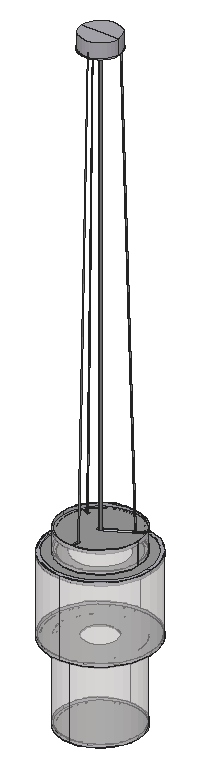
Revit family "Lighting - Lumetta - Pendant - P55528-Full", category Lighting Fixtures, host Ceiling, Revit 2015
Parameters
  Wattage = 11.7117 W
  built-in parameter 1150110 = 1 (stored number, unit not read)
  URL = "https://lumetta.com/luminaires/drum-double-28-pendant/"
  Type Comments = "Drum Double 28'' Pendant"  # constant formula
  built-in parameter 1114217 = 1 (stored number, unit not read)
  Top Lens-Material [instance] = Acrylic - 2447 - White
  Top Lens [instance] = yes
  built-in parameter 1150109 = 1 (stored number, unit not read)
  built-in parameter 1150134 = (empty or 0)
  Suspension [instance] = 2
  built-in parameter 1150113 = 1 (stored number, unit not read)
  Stem Hung-ALL Lamping [instance] = Suspension = 3  # no
  P5528 URL [instance] = "https://lumetta.com/luminaires/drum-double-28-pendant/"
  Middle  Diffuser Material [instance] = Shade - Lumetta - D61 - MT_White
  Light Source Symbol Size = 0' - 1"
  Bottom  Diffuser Material [instance] = Shade - Lumetta - D61 - MT_White
  1CRD-3CBL- LED-4 Wire [instance] = Suspension = 2  # yes
  Coupling-Stems Over 60 inches [instance] = and([Stem Hung-ALL Lamping], Fixture Drop > 5' 0")  # no
  Model = "P5528"  # constant formula
  Manufacturer = "Lumetta, Inc."  # constant formula
  Lumens = 1300 lm
  built-in parameter 1150115 = 1 (stored number, unit not read)
  built-in parameter 1150105 = 103.45 (stored number, unit not read)
  built-in parameter 1150137 = (empty or 0)
  built-in parameter 1150139 = (empty or 0)
  built-in parameter 1150112 = 1 (stored number, unit not read)
  built-in parameter 1150114 = 1 (stored number, unit not read)
  built-in parameter 1150132 = 1
  built-in parameter 1150102 = (empty or 0)
  built-in parameter 1150138 = (empty or 0)
  built-in parameter 1150107 = 3000 (stored number, unit not read)
  built-in parameter 1150106 = 1.0345 (stored number, unit not read)
  Frame Finish [instance] = Paint - Lumetta - F02 - PC_Chrome
  Fixture Height [instance] = 2' - 4"
  Fixture Drop [instance] = 5' - 10"
  built-in parameter 1150104 = 10.312 (stored number, unit not read)
  Dimming Lamp Color Temperature Shift = (empty or 0)
  Upper Diffuser Material [instance] = Shade - Lumetta - D61 - MT_White
  Description = ""
  Cord [instance] = or(Suspension = 1, Suspension = 2)  # yes
  Bottom Lens-Material [instance] = Acrylic - P95 - Etched White
  Bottom Lens [instance] = yes
  3 Cables [instance] = or(Suspension = 1, Suspension = 2)  # yes
  1CRD-3CBL-STD and 2 or 3 Wire [instance] = Suspension = 1  # no
  Cord Color [instance] = Cord, Black
  Color Filter = 16777215
  built-in parameter 1114218 = 1 (stored number, unit not read)
  built-in parameter 1150133 = 10 (stored number, unit not read)
Reference planes (in)
  plane 1 "Light Source Axis (F/B)": y = 0
  plane 2 "Ceiling": z = 96
  plane 3 "Light Source Axis (L/R)": x = 0
  plane 4 "Light Source Elevation": z = 23.5
  plane 5 "Fixture-Top": z = 26
  plane 6 "Fixture-Radius": x = 6
  plane 7 "Fixture-Height": z = -2
Forms (in)
  Revolve 1, solid, material "Paint - Lumetta - F02 - PC_Chrome" <- "Frame Finish", visible <- "1CRD-3CBL-STD and 2 or 3 Wire"
    sketch origin (0, 0, 0) x (1, 0, 0) y (0, 0, 1)
      loop
        line (0, 96) -> (0, 94.9375) -> (0.2793, 94.9375) -> (0.375, 95.4375) -> (3, 95.4375) -> (3, 95.5) -> (2.87509, 95.5) -> (2.87509, 96) -> (0, 96)
      axis (0, 96) -> (0, 94.9375)
    angle from 0 to 360
  Extrusion 2, void
    sketch origin (0, 0, 95.4375) x (0, -1, 0) y (1, 0, 0)
      loop
        circle (0, 0) r 0.25
      loop
        circle (2.5, 0) r 0.06274
      loop
        circle (-1.25012, 2.16499) r 0.06231
      loop
        circle (-1.20848, -2.18851) r 0.06217
    from 0 to 0.06358
  Revolve 3, solid, material "Paint - Lumetta - F02 - PC_Chrome" <- "Frame Finish", visible <- "1CRD-3CBL- LED-4 Wire"
    sketch origin (0, 0, 0) x (1, 0, 0) y (0, 0, 1)
      loop
        arc (1.9375, 93.36401) -> (2.12349, 93.55) -> (1.9375, 93.73599) r 0.18599
        line (1.9375, 93.73599) -> (1.9375, 93.36401)
      axis (1.9375, 93.73599) -> (1.9375, 93.36401)
    angle from 0 to 360
  Revolve 4, solid, material "Paint - Lumetta - F02 - PC_Chrome" <- "Frame Finish", visible <- "Stem Hung-ALL Lamping"
    sketch origin (0, 0, 0) x (-1, 0, 0) y (0, 0, 1)
      loop
        arc (1.9375, 93.37651) -> (2.12349, 93.5625) -> (1.9375, 93.74849) r 0.18599
        line (1.9375, 93.74849) -> (1.9375, 93.37651)
      axis (1.9375, 93.74849) -> (1.9375, 93.37651)
    angle from 0 to 360
  Revolve 5, solid, material "Paint - Lumetta - F02 - PC_Chrome" <- "Frame Finish"
    sketch origin (0, 0, 0) x (1, 0, 0) y (0, 0, 1)
      loop
        line (6, 26) -> (5.93781, 26) -> (5.93781, 25.56373) -> (5.50031, 25.56373) -> (5.50031, 25.50123) -> (6, 25.50123) -> (6, 26)
      loop
        line (6, 23.00004) -> (5.93781, 23.00004) -> (5.93781, 22.56378) -> (5.50031, 22.56378) -> (5.50031, 22.5) -> (6, 22.5) -> (6, 23.00004)
      loop
        line (7.9582, 11.00004) -> (7.896, 11.00004) -> (7.896, 10.56378) -> (7.4585, 10.56378) -> (7.4585, 10.5) -> (7.9582, 10.5) -> (7.9582, 11.00004)
      loop
        line (7.9582, 22.06373) -> (7.9582, 22.56378) -> (7.4585, 22.56378) -> (7.4585, 22.5) -> (7.896, 22.5) -> (7.896, 22.06373) -> (7.9582, 22.06373)
      loop
        line (6, -1.49996) -> (5.93781, -1.49996) -> (5.93781, -1.93622) -> (5.5, -1.93622) -> (5.5, -2) -> (6, -2) -> (6, -1.49996)
      loop
        line (6, 10.06246) -> (6, 10.5625) -> (5.5, 10.5625) -> (5.5, 10.49872) -> (5.93781, 10.49872) -> (5.93781, 10.06246) -> (6, 10.06246)
      axis (0, 26) -> (0, -2)
    angle from 0 to 360
  Revolve 6, solid, material "Shade - Lumetta - D61 - MT_White" <- "Upper Diffuser Material"
    sketch origin (0, 0, 0) x (1, 0, 0) y (0, 0, 1)
      loop
        line (6, 26) -> (6, 22.5) -> (6.03125, 22.5) -> (6.03125, 26) -> (6, 26)
      axis (0, 26) -> (0, 22.5)
    angle from 0 to 360
  Extrusion 7, solid, material "Paint - Lumetta - F02 - PC_Chrome" <- "Frame Finish"
    sketch origin (0, 0, 26) x (0, -1, 0) y (-1, 0, 0)
      loop
        line (-3.17178, 4.49368) -> (-2.80801, 3.86362) -> (-1.94199, 4.36362) -> (-2.30575, 4.99368)
        arc (-2.30575, 4.99368) -> (-2.75015, 4.7634) -> (-3.17178, 4.49368) r 5.50031
      loop
        circle (-2.5, 4.33013) r 0.11126
      loop
        line (-2.30575, -4.99368) -> (-1.94199, -4.36362) -> (-2.80801, -3.86362) -> (-3.17178, -4.49368)
        arc (-3.17178, -4.49368) -> (-2.75015, -4.7634) -> (-2.30575, -4.99368) r 5.50031
      loop
        circle (-2.5, -4.33013) r 0.11126
      loop
        line (5.47753, 0.5) -> (4.75, 0.5) -> (4.75, -0.5) -> (5.47753, -0.5)
        arc (5.47753, -0.5) -> (5.50031, 0) -> (5.47753, 0.5) r 5.50031
      loop
        circle (5, 0) r 0.11126
    from 0.56254 to 0.49877
  Extrusion 8, solid
    sketch origin (0, 0, 26) x (0, -1, 0) y (1, 0, 0)
      loop
        circle (0, 0) r 0.25
      loop
        circle (4.375, 0) r 0.125
      loop
        line (-2.2, 4.73427) -> (-3, 4.27239) -> (-3, -4.27239) -> (-2.2, -4.73427) -> (5.2, -0.46188) -> (5.2, 0.46188) -> (-2.2, 4.73427)
      loop
        circle (-2.1875, 3.78886) r 0.125
      loop
        circle (-2.1875, -3.78886) r 0.125
    from -0.56254 to -0.625
  Sweep 9, solid, material "Steel, Galvanized", visible <- "3 Cables"
    path origin (0, 0, 0) x (0, 1, 0) y (0, 0, 1)
      loop
        line (-2.5, 95.43701) -> (-4.375, 25.4375)
    profile origin (0, -3.4375, 60.43725) x (0, 0.999641, -0.026776) y (1, 0, 0)
      loop
        circle (0, 0) r 0.03125
  Sweep 10, solid, material "Steel, Galvanized", visible <- "3 Cables"
    path origin (0, 0, 0) x (0.866025, -0.5, 0) y (0, 0, 1)
      loop
        line (-2.5, 95.43701) -> (-4.375, 25.4375)
    profile origin (-2.97696, 1.71875, 60.43725) x (0.865715, -0.499821, -0.026776) y (-0.5, -0.866025, 0)
      loop
        circle (0, 0) r 0.03125
  Sweep 11, solid, material "Steel, Galvanized", visible <- "3 Cables"
    path origin (0, 0, 0) x (-0.866025, -0.5, 0) y (0, 0, 1)
      loop
        line (-2.5, 95.43701) -> (-4.375, 25.4375)
    profile origin (2.97696, 1.71875, 60.43725) x (-0.865715, -0.499821, -0.026776) y (-0.5, 0.866025, 0)
      loop
        circle (0, 0) r 0.03125
  Revolve 12, solid, material "Paint - Lumetta - F02 - PC_Chrome" <- "Frame Finish", visible <- "1CRD-3CBL- LED-4 Wire"
    sketch origin (0, 0, 0) x (1, 0, 0) y (0, 0, 1)
      loop
        line (0, 96) -> (0, 93.22) -> (0.26563, 93.22) -> (0.36282, 93.72) -> (3, 93.72) -> (3, 93.78) -> (2.875, 93.78) -> (2.875, 96) -> (0, 96)
      axis (0, 96) -> (0, 93.22)
    angle from 0 to 360
  Revolve 13, solid, material "Paint - Lumetta - F02 - PC_Chrome" <- "Frame Finish", visible <- "Stem Hung-ALL Lamping"
    sketch origin (0, 0, -1.37386) x (1, 0, 0) y (0, 0, 1)
      loop
        arc (1.9375, 94.75037) -> (2.12349, 94.93636) -> (1.9375, 95.12236) r 0.18599
        line (1.9375, 95.12236) -> (1.9375, 94.75037)
      axis (1.9375, 95.12236) -> (1.9375, 94.75037)
    angle from 0 to 360
  Revolve 14, solid, material "Paint - Lumetta - F02 - PC_Chrome" <- "Frame Finish", visible <- "1CRD-3CBL- LED-4 Wire"
    sketch origin (0, 0, -1.37386) x (-1, 0, 0) y (0, 0, 1)
      loop
        arc (1.9375, 94.75037) -> (2.12349, 94.93636) -> (1.9375, 95.12236) r 0.18599
        line (1.9375, 95.12236) -> (1.9375, 94.75037)
      axis (1.9375, 95.12236) -> (1.9375, 94.75037)
    angle from 0 to 360
  Extrusion 15, solid, material "Paint - Lumetta - F02 - PC_Chrome" <- "Frame Finish", visible <- "Stem Hung-ALL Lamping"
    sketch origin (0, 0, 26) x (0, -1, 0) y (-1, 0, 0)
      loop
        circle (0, 0) r 0.25
    from 0.56254 to -70
  Revolve 16, solid, material "Paint - Lumetta - F02 - PC_Chrome" <- "Frame Finish", visible <- "Coupling-Stems Over 60 inches"
    sketch origin (0, 0, 0) x (1, 0, 0) y (0, 0, 1)
      loop
        line (0, 86.53023) -> (0, 86) -> (0.26233, 86)
        arc (0.26233, 86) -> (0.31307, 86.05074) -> (0.26233, 86.10149) r 0.05074
        arc (0.26233, 86.10149) -> (0.29304, 86.26499) -> (0.26243, 86.42851) r 0.45126
        arc (0.26243, 86.42851) -> (0.31329, 86.47937) -> (0.26243, 86.53023) r 0.05086
        line (0.26243, 86.53023) -> (0, 86.53023)
      axis (0, 86.53023) -> (0, 86)
    angle from 0 to 360
  Revolve 17, solid, material "Paint - Lumetta - F02 - PC_Chrome" <- "Frame Finish", visible <- "Stem Hung-ALL Lamping"
    sketch origin (0, 0, 0) x (1, 0, 0) y (0, 0, 1)
      loop
        line (0, 96) -> (0, 93.40625) -> (0.34988, 93.40625)
        arc (0.34988, 93.40625) -> (0.49124, 93.54417) -> (0.58115, 93.72) r 0.61026
        line (0.58115, 93.72) -> (3, 93.72) -> (3, 93.78) -> (2.875, 93.78) -> (2.875, 96) -> (0, 96)
      axis (0, 96) -> (0, 93.40625)
    angle from 0 to 360
  Extrusion 18, solid, material "Cord, Black" <- "Cord Color", visible <- "Cord"
    sketch origin (0, 0, 26) x (0, -1, 0) y (1, 0, 0)
      loop
        circle (0, 0) r 0.15674
    from -0.56254 to 69.5
  Extrusion 19, solid, material "Acrylic - 2447 - White" <- "Top Lens-Material", visible <- "Top Lens"
    sketch origin (0, 0, 26) x (0, -1, 0) y (1, 0, 0)
      loop
        arc (0.08236, 0.41549) -> (0.10859, 0.38367) -> (0.14375, 0.36211) r 0.125
        arc (0.14375, 0.36211) -> (0.17448, -0.34973) -> (-0.38276, 0.09427) r 0.39147
        arc (-0.38276, 0.09427) -> (-0.38023, 0.14197) -> (-0.39577, 0.18713) r 0.125
        line (-0.39577, 0.18713) -> (-3.06954, 4.81825)
        arc (-3.06954, 4.81825) -> (-3.14938, 4.87748) -> (-3.24719, 4.85972) r 0.125
        arc (-3.24719, 4.85972) -> (-5.84674, 0.01759) -> (-3.27773, -4.84081) r 5.84375
        arc (-3.27773, -4.84081) -> (-3.17965, -4.8591) -> (-3.09943, -4.79978) r 0.125
        line (-3.09943, -4.79978) -> (-2.43479, -3.64859)
        arc (-2.43479, -3.64859) -> (-2.07399, -3.55192) -> (-1.97731, -3.91272) r 0.26412
        line (-1.97731, -3.91272) -> (-2.64318, -5.06603)
        arc (-2.64318, -5.06603) -> (-2.65455, -5.16479) -> (-2.59027, -5.24061) r 0.125
        arc (-2.59027, -5.24061) -> (2.90291, -5.07082) -> (5.82591, -0.41679) r 5.84375
        arc (5.82591, -0.41679) -> (5.79271, -0.32271) -> (5.70123, -0.28289) r 0.125
        line (5.70123, -0.28289) -> (4.37195, -0.28289)
        arc (4.37195, -0.28289) -> (4.10782, -0.01877) -> (4.37195, 0.24536) r 0.26412
        line (4.37195, 0.24536) -> (5.70368, 0.24536)
        arc (5.70368, 0.24536) -> (5.79489, 0.28488) -> (5.82841, 0.37847) r 0.125
        arc (5.82841, 0.37847) -> (2.93478, 5.05081) -> (-2.55723, 5.25518) r 5.84375
        arc (-2.55723, 5.25518) -> (-2.6221, 5.17939) -> (-2.61084, 5.08025) r 0.125
        line (-2.61084, 5.08025) -> (0.08236, 0.41549)
    from -0.4375 to -0.375
  Extrusion 20, solid, material "Acrylic - P95 - Etched White" <- "Bottom Lens-Material", visible <- "Bottom Lens"
    sketch origin (0.06736, 0, 13) x (0, -1, 0) y (1, 0, 0)
      loop
        circle (0, -0.06736) r 5.875
    from -14.93622 to -14.81953
  Extrusion 21, solid, material "Acrylic - P95 - Etched White" <- "Bottom Lens-Material"
    sketch origin (-0.07923, 0, 18.5) x (0, -1, 0) y (1, 0, 0)
      loop
        circle (0, 0.07923) r 7.875
      loop
        circle (0, 0.07923) r 4
    from 3.87945 to 4
  Extrusion 22, solid, material "Acrylic - P95 - Etched White" <- "Bottom Lens-Material"
    sketch origin (0.06736, 0, 15.5) x (0, -1, 0) y (1, 0, 0)
      loop
        circle (0, -0.06736) r 7.875
      loop
        circle (0, -0.06736) r 2.5
    from -4.93622 to -4.81987
  Extrusion 23, solid, material "Shade - Lumetta - D61 - MT_White" <- "Bottom  Diffuser Material"
    sketch origin (0, 0, -2) x (0, -1, 0) y (1, 0, 0)
      loop
        circle (0, 0) r 6
      loop
        circle (0, 0) r 6.03125
    from 0 to 12.5
  Extrusion 24, solid, material "Shade - Lumetta - D61 - MT_White" <- "Middle  Diffuser Material"
    sketch origin (0, 0, -2) x (0, -1, 0) y (1, 0, 0)
      loop
        circle (0, 0) r 7.96875
      loop
        circle (0, 0) r 7.9375
    from 12.5 to 24.5
Cuts and joins
  joined: Revolve 5, Extrusion 7
Dimensions and locks (in)
  equal spacing: host sketch curve, plane 3 "Light Source Axis (L/R)", host sketch curve
  equal spacing: host sketch curve, plane 1 "Light Source Axis (F/B)", host sketch curve
  host sketch curve to host sketch curve = 10' - 0"  (x2)
  "Fixture Drop": plane 2 "Ceiling" to plane 5 "Fixture-Top"
  locked: plane 5 "Fixture-Top" to plane 4 "Light Source Elevation" at 2.5
  locked: plane 6 "Fixture-Radius" to plane 3 "Light Source Axis (L/R)" at 6
  "Fixture Height": plane 5 "Fixture-Top" to plane 7 "Fixture-Height"
  locked: Revolve 1 sketch curve to plane 3 "Light Source Axis (L/R)" at 2.87509
  locked: Revolve 1 sketch curve to plane 3 "Light Source Axis (L/R)" at 3
  locked: Extrusion 2 sketch curve to Extrusion 2 sketch curve at 2.5  (x3)
  locked: plane 1 "Light Source Axis (F/B)" to Extrusion 2 sketch curve at 1.20848
  locked: plane 1 "Light Source Axis (F/B)" to Extrusion 2 sketch curve at 1.25012
  locked: Revolve 3 sketch curve to plane 3 "Light Source Axis (L/R)" at 1.9375
  locked: plane 6 "Fixture-Radius" to Revolve 5 sketch curve at 0.06219
  locked: Revolve 6 sketch curve to plane 6 "Fixture-Radius" at 0.03125
  locked: Extrusion 7 sketch curve to imposter light at 4.33013
  locked: imposter light to Extrusion 7 sketch curve at 4.33013
  locked: Extrusion 7 sketch curve to imposter light at 0
  locked: Extrusion 7 sketch curve to plane 1 "Light Source Axis (F/B)" at 5
  locked: plane 1 "Light Source Axis (F/B)" to Extrusion 7 sketch curve at 2.5  (x2)
  locked: Extrusion 7 sketch curve to plane 3 "Light Source Axis (L/R)" at 4.75  (x2)
  locked: Extrusion 7 sketch curve to plane 1 "Light Source Axis (F/B)" at 4.75
  Extrusion 7 sketch curve to Extrusion 7 sketch curve = 0' - 0 1/4"
  locked: Extrusion 7 sketch curve to Extrusion 7 sketch curve at 1  (x3)
  Extrusion 7 sketch curve to Extrusion 7 sketch curve = 0' - 0 1/2"
  locked: Extrusion 7 sketch curve to Extrusion 7 sketch curve at 0.5
  Revolve 5 to Extrusion 7 sketch curve = 0' - 0.75031"
  equal spacing: Extrusion 7 sketch curve, Extrusion 7 sketch curve, plane 3 "Light Source Axis (L/R)"
  locked: Extrusion 8 sketch curve to Extrusion 8 sketch curve at 4.375
  Extrusion 8 sketch curve to Extrusion 8 sketch curve = 0' - 8.2"
  host ceiling to Revolve 3 sketch curve = 0' - 2.45"
  host ceiling to Revolve 4 sketch curve = 0' - 2 7/16"
  locked: host ceiling to Revolve 13 sketch curve at 2.4375
  locked: host ceiling to Revolve 14 sketch curve at 2.4375
  locked: Extrusion 15 sketch curve to imposter light
  locked: Extrusion 15 sketch curve to imposter light at 0
  Revolve 16 sketch curve to Revolve 16 sketch curve = 0' - 0.15822"
  locked: Revolve 16 sketch curve to Revolve 6 at 60
  locked: Revolve 16 sketch curve to Revolve 16 sketch curve at 0.53023
  locked: Revolve 16 sketch curve to Revolve 16 sketch curve at 0.26243
  locked: Revolve 16 sketch curve to Revolve 16 sketch curve at 0.26233
  locked: Revolve 16 sketch curve to Revolve 16 sketch curve at 0.05074
  locked: Revolve 16 sketch curve to Revolve 16 sketch curve at 0.47937
  locked: Revolve 16 sketch curve to Revolve 16 sketch curve at 0.26512
  locked: Revolve 17 sketch curve to Revolve 17 sketch curve at 2.875
  locked: Revolve 17 sketch curve to Revolve 17 sketch curve at 0.31375
  locked: Extrusion 19 sketch curve to Extrusion 19 sketch curve  (x3)
  locked: plane 5 "Fixture-Top" to Revolve 5 sketch curve at 0.49877
  locked: Revolve 5 sketch curve to Revolve 5 sketch curve at 0.0625
  locked: plane 6 "Fixture-Radius" to Revolve 5 sketch curve at 0.49969
  locked: host ceiling to Revolve 12 sketch curve at 2.28
  locked: Revolve 12 sketch curve to Revolve 12 sketch curve at 0
  locked: Revolve 12 sketch curve to Revolve 12 sketch curve at 2.875
  locked: Revolve 12 sketch curve to Revolve 12 sketch curve at 0.26563
  locked: Revolve 12 sketch curve to Revolve 12 sketch curve at 0.36282
  locked: Revolve 12 sketch curve to Revolve 12 sketch curve at 0.06
  locked: Revolve 12 sketch curve to Revolve 12 sketch curve at 0.5
  locked: Revolve 1 sketch curve to Revolve 1 sketch curve at 0.0625
  locked: host ceiling to Revolve 1 sketch curve at 0.5625
  locked: Revolve 1 sketch curve to Revolve 1 sketch curve at 0.5625
  locked: Revolve 1 sketch curve to Revolve 1 sketch curve at 3
  Revolve 1 sketch curve to Revolve 1 sketch curve = 0' - 2.87509"
  locked: Revolve 1 sketch curve to Revolve 1 sketch curve at 0.5
  locked: Revolve 1 sketch curve to Revolve 1 sketch curve at 0.375
  locked: Revolve 1 sketch curve to Revolve 1 sketch curve at 0.2793
  Revolve 3 sketch curve to Revolve 3 sketch curve = 0' - 0"
  Revolve 1 to Revolve 3 sketch curve = 0' - 2.45"
  locked: Revolve 1 to Revolve 4 sketch curve at 2.4375
  Extrusion 19 sketch curve to plane 6 "Fixture-Radius" = 0' - 6.00081"
  locked: Revolve 5 sketch curve to plane 6 "Fixture-Radius" at 0
  plane 5 "Fixture-Top" to Revolve 5 sketch curve = 0' - 3 1/2"  (x2)
  locked: Revolve 5 sketch curve to Revolve 5 sketch curve at 0.06378  (x5)
  locked: Revolve 5 sketch curve to Revolve 5 sketch curve at 0.50004  (x5)
  Revolve 5 sketch curve to Revolve 5 sketch curve = 0' - 0"  (x2)
  locked: Revolve 5 sketch curve to Revolve 5 sketch curve at 0
  locked: plane 7 "Fixture-Height" to Revolve 5 sketch curve at 0
  Revolve 5 sketch curve to Revolve 5 sketch curve = 1' - 0 9/16"
  locked: Revolve 5 sketch curve to Revolve 5 sketch curve at 6
  locked: Revolve 5 sketch curve to Revolve 5 sketch curve at 0.06219  (x4)
  locked: Revolve 5 sketch curve to Revolve 5 sketch curve at 0.5  (x2)
  Revolve 5 sketch curve to Revolve 5 sketch curve = 0' - 0.06378"
  Revolve 5 sketch curve to Revolve 5 sketch curve = 1' - 0.06378"
  locked: plane 3 "Light Source Axis (L/R)" to Extrusion 20 sketch curve
  locked: Extrusion 20 sketch curve to plane 1 "Light Source Axis (F/B)"
  locked: Extrusion 23 sketch curve to plane 1 "Light Source Axis (F/B)"
  locked: Extrusion 21 sketch curve to plane 3 "Light Source Axis (L/R)"
  locked: Extrusion 21 sketch curve to plane 1 "Light Source Axis (F/B)"
  locked: Extrusion 22 sketch curve to plane 3 "Light Source Axis (L/R)" at 0
  locked: Extrusion 22 sketch curve to plane 1 "Light Source Axis (F/B)"
  Revolve 5 sketch curve to Revolve 5 sketch curve = 0' - 7.9582"
  locked: plane 6 "Fixture-Radius" to Revolve 6 sketch curve
  locked: plane 5 "Fixture-Top" to Revolve 6 at 3.5
  locked: cut or joined group of Revolve 5, Extrusion 7 to Extrusion 21 at 0.12055
  locked: Extrusion 20 to plane 7 "Fixture-Height" at 0.06378
  locked: Extrusion 20 to Extrusion 20 at 0.1167
  Extrusion 24 to plane 7 "Fixture-Height" = 1' - 0 1/2"
  locked: Extrusion 22 to Extrusion 22 at 0.11635
  locked: cut or joined group of Revolve 5, Extrusion 7 to Extrusion 24 at 12.06378
  locked: Extrusion 24 to plane 7 "Fixture-Height" at 12.5
  aligned and locked: plane 3 "Light Source Axis (L/R)" to imposter light
  aligned and locked: plane 1 "Light Source Axis (F/B)" to imposter light
  aligned and locked: plane 4 "Light Source Elevation" to imposter light
  aligned and locked: Revolve 6 sketch curve to plane 3 "Light Source Axis (L/R)"
  aligned and locked: Revolve 16 sketch curve to Revolve 16 sketch curve  (x2)
  aligned and locked: Extrusion 7 to Extrusion 8
  aligned and locked: Revolve 5 to Extrusion 7
  aligned and locked: host ceiling to Extrusion 15
  aligned and locked: Extrusion 8 to Extrusion 15
  aligned and locked: Revolve 1 to Extrusion 18
  aligned and locked: Extrusion 21 to Revolve 6
  aligned and locked: Extrusion 24 to Revolve 6
  aligned and locked: Extrusion 24 to cut or joined group of Revolve 5, Extrusion 7
  aligned and locked: cut or joined group of Revolve 5, Extrusion 7 to Extrusion 23
  aligned and locked: Extrusion 22 to cut or joined group of Revolve 5, Extrusion 7
Automatic sketch dimensions
  Revolve 1 sketch curve to plane 3 "Light Source Axis (L/R)" = 0' - 0"
  Revolve 1 sketch curve to plane 5 "Fixture-Top" = 0' - 1 1/4"
  Revolve 1 sketch curve to Revolve 1 sketch curve = 0' - 9 3/4"
  Extrusion 2 sketch curve to Extrusion 2 sketch curve = 0' - 0"
  Revolve 3 sketch curve to Revolve 3 sketch curve = 0' - 0.18599"
  Revolve 3 sketch curve to plane 2 "Ceiling" = 0' - 0.90474"
  Revolve 3 sketch curve to Revolve 3 sketch curve = 0' - 0.37199"
  plane 3 "Light Source Axis (L/R)" to Revolve 4 sketch curve = 0' - 1 15/16"
  Revolve 4 sketch curve to Revolve 4 sketch curve = 0' - 0.18599"
  plane 2 "Ceiling" to Revolve 4 sketch curve = 0' - 0.53276"
  Revolve 4 sketch curve to Revolve 4 sketch curve = 0' - 0"
  Revolve 4 sketch curve to Revolve 4 sketch curve = 0' - 0.37199"
  Revolve 6 sketch curve to plane 5 "Fixture-Top" = 0' - 0"
  plane 4 "Light Source Elevation" to Revolve 6 sketch curve = 0' - 1"
  plane 7 "Fixture-Height" to Revolve 6 sketch curve = 0' - 1 1/4"
  Revolve 6 sketch curve to plane 5 "Fixture-Top" = 0' - 2 1/4"
  Extrusion 7 sketch curve to Extrusion 7 sketch curve = 0' - 0"  (x6)
  plane 1 "Light Source Axis (F/B)" to Extrusion 7 sketch curve = 0' - 0"
  Extrusion 7 sketch curve to plane 3 "Light Source Axis (L/R)" = 0' - 0"
  Extrusion 7 sketch curve to plane 6 "Fixture-Radius" = 0' - 2.13638"
  Extrusion 7 sketch curve to Extrusion 7 sketch curve = 0' - 0.30801"
  Extrusion 7 sketch curve to Extrusion 7 sketch curve = 0' - 0.67178"
  Extrusion 7 sketch curve to plane 6 "Fixture-Radius" = 0' - 1.50632"
  Extrusion 7 sketch curve to Extrusion 7 sketch curve = 0' - 0.47753"
  Extrusion 7 sketch curve to plane 3 "Light Source Axis (L/R)" = 0' - 0 1/2"
  plane 1 "Light Source Axis (F/B)" to Extrusion 8 sketch curve = 0' - 0"
  Extrusion 8 sketch curve to plane 3 "Light Source Axis (L/R)" = 0' - 0"  (x2)
  Extrusion 8 sketch curve to plane 1 "Light Source Axis (F/B)" = 0' - 2 3/16"  (x2)
  Extrusion 8 sketch curve to Extrusion 8 sketch curve = 0' - 0.0125"  (x2)
  Extrusion 8 sketch curve to Extrusion 8 sketch curve = 0' - 0.8"
  Extrusion 8 sketch curve to plane 3 "Light Source Axis (L/R)" = 0' - 0.46188"
  Extrusion 8 sketch curve to plane 3 "Light Source Axis (L/R)" = 0' - 3.78886"
  Extrusion 8 sketch curve to Extrusion 8 sketch curve = 0' - 0.48353"  (x2)
  Extrusion 8 sketch curve to Extrusion 8 sketch curve = 0' - 0.46188"  (x2)
  plane 3 "Light Source Axis (L/R)" to Extrusion 8 sketch curve = 0' - 0.46188"
  Extrusion 8 sketch curve to plane 6 "Fixture-Radius" = 0' - 2.21114"
  plane 5 "Fixture-Top" to Sweep 9 sketch curve = 0' - 0 9/16"
  plane 1 "Light Source Axis (F/B)" to Sweep 9 sketch curve = 0' - 4 3/8"
  Sweep 9 sketch curve to plane 2 "Ceiling" = 0' - 0.56299"
  plane 1 "Light Source Axis (F/B)" to Sweep 9 sketch curve = 0' - 2 1/2"
  Sweep 9 sketch curve to plane 3 "Light Source Axis (L/R)" = 0' - 0"
  Sweep 9 sketch curve to profile plane = 0' - 0"
  plane 5 "Fixture-Top" to Sweep 10 sketch curve = 0' - 0 9/16"
  Sweep 10 sketch curve to plane 2 "Ceiling" = 0' - 0.56299"
  Sweep 10 sketch curve to Sweep 10 sketch curve = 0' - 1 7/8"
  profile plane to Sweep 10 sketch curve = 0' - 0"
  Sweep 10 sketch curve to profile plane = 0' - 0"
  plane 5 "Fixture-Top" to Sweep 11 sketch curve = 0' - 0 9/16"
  Sweep 11 sketch curve to plane 2 "Ceiling" = 0' - 0.56299"
  Sweep 11 sketch curve to Sweep 11 sketch curve = 0' - 1 7/8"
  profile plane to Sweep 11 sketch curve = 0' - 0"  (x2)
  Revolve 12 sketch curve to plane 2 "Ceiling" = 0' - 0"
  Revolve 12 sketch curve to plane 3 "Light Source Axis (L/R)" = 0' - 0"
  Revolve 12 sketch curve to Revolve 12 sketch curve = 0' - 0 1/8"
  plane 2 "Ceiling" to Revolve 12 sketch curve = 0' - 1 3/4"
  Revolve 12 sketch curve to Revolve 12 sketch curve = 0' - 2 1/2"
  plane 3 "Light Source Axis (L/R)" to Revolve 13 sketch curve = 0' - 1 15/16"
  Revolve 13 sketch curve to Revolve 13 sketch curve = 0' - 0.18599"
  Revolve 13 sketch curve to Revolve 13 sketch curve = 0' - 0"
  Revolve 13 sketch curve to Revolve 13 sketch curve = 0' - 0.0271"
  Revolve 13 sketch curve to Revolve 13 sketch curve = 0' - 0.34489"
  plane 3 "Light Source Axis (L/R)" to Revolve 14 sketch curve = 0' - 1 15/16"
  Revolve 14 sketch curve to Revolve 14 sketch curve = 0' - 0.18599"
  Revolve 14 sketch curve to Revolve 14 sketch curve = 0' - 0"
  Revolve 14 sketch curve to Revolve 14 sketch curve = 0' - 0.0271"
  Revolve 14 sketch curve to Revolve 14 sketch curve = 0' - 0.34489"
  Revolve 16 sketch curve to plane 3 "Light Source Axis (L/R)" = 0' - 0"
  Revolve 16 sketch curve to Revolve 16 sketch curve = 0' - 11.34317"
  Revolve 17 sketch curve to plane 3 "Light Source Axis (L/R)" = 0' - 0"  (x3)
  Revolve 17 sketch curve to plane 2 "Ceiling" = 0' - 0"
  plane 3 "Light Source Axis (L/R)" to Revolve 17 sketch curve = 0' - 0.34988"
  Revolve 17 sketch curve to Revolve 17 sketch curve = 0' - 0.23126"
  Revolve 17 sketch curve to Revolve 17 sketch curve = 0' - 0 1/8"
  Revolve 17 sketch curve to plane 2 "Ceiling" = 0' - 2 3/32"
  Revolve 17 sketch curve to Revolve 17 sketch curve = 0' - 0.06"
  plane 2 "Ceiling" to Revolve 17 sketch curve = 0' - 1 3/4"
  Revolve 17 sketch curve to Revolve 17 sketch curve = 0' - 2 1/2"
  plane 1 "Light Source Axis (F/B)" to Extrusion 18 sketch curve = 0' - 0"
  Extrusion 18 sketch curve to plane 3 "Light Source Axis (L/R)" = 0' - 0"
  Extrusion 19 sketch curve to Extrusion 19 sketch curve = 0' - 0"  (x10)
  Extrusion 19 sketch curve to plane 1 "Light Source Axis (F/B)" = 0' - 3.20768"
  Extrusion 19 sketch curve to plane 6 "Fixture-Radius" = 0' - 1.24425"
  Extrusion 19 sketch curve to plane 1 "Light Source Axis (F/B)" = 0' - 3.1778"
  Extrusion 19 sketch curve to Extrusion 19 sketch curve = 0' - 0.10825"  (x6)
  Extrusion 19 sketch curve to plane 6 "Fixture-Radius" = 0' - 1.18175"
  Extrusion 19 sketch curve to Extrusion 19 sketch curve = 0' - 0.45625"
  Extrusion 19 sketch curve to plane 6 "Fixture-Radius" = 0' - 0.91975"
  Extrusion 19 sketch curve to Extrusion 19 sketch curve = 0' - 0.4587"
  Extrusion 19 sketch curve to Extrusion 19 sketch curve = 0' - 0.66464"
  Extrusion 19 sketch curve to Extrusion 19 sketch curve = 0' - 0.22874"  (x2)
  plane 3 "Light Source Axis (L/R)" to Extrusion 19 sketch curve = 0' - 0.12463"
  Extrusion 19 sketch curve to plane 1 "Light Source Axis (F/B)" = 0' - 0.50402"
  plane 3 "Light Source Axis (L/R)" to Extrusion 19 sketch curve = 0' - 0.18713"
  Extrusion 19 sketch curve to plane 1 "Light Source Axis (F/B)" = 0' - 0.00301"
  plane 1 "Light Source Axis (F/B)" to Extrusion 19 sketch curve = 0' - 0.08236"
  Extrusion 19 sketch curve to plane 3 "Light Source Axis (L/R)" = 0' - 0.28289"
  Extrusion 19 sketch curve to Extrusion 19 sketch curve = 0' - 4.18134"
  Extrusion 19 sketch curve to plane 3 "Light Source Axis (L/R)" = 0' - 0.40789"
  Extrusion 19 sketch curve to Extrusion 19 sketch curve = 0' - 1.32928"
  plane 3 "Light Source Axis (L/R)" to Extrusion 19 sketch curve = 0' - 0.24536"
  Extrusion 19 sketch curve to Extrusion 19 sketch curve = 0' - 0.00245"
  Extrusion 19 sketch curve to plane 3 "Light Source Axis (L/R)" = 0' - 3.64859"
  Extrusion 19 sketch curve to Extrusion 19 sketch curve = 0' - 0.13206"
  Extrusion 19 sketch curve to Extrusion 19 sketch curve = 0' - 1.08869"
  Extrusion 19 sketch curve to Extrusion 19 sketch curve = 0' - 0 1/16"  (x4)
  Extrusion 19 sketch curve to Extrusion 19 sketch curve = 0' - 0.26625"
  Extrusion 19 sketch curve to Extrusion 19 sketch curve = 0' - 0 1/8"
  plane 3 "Light Source Axis (L/R)" to Extrusion 19 sketch curve = 0' - 0.41549"
  plane 3 "Light Source Axis (L/R)" to Revolve 5 sketch curve = 0' - 0"
  Revolve 5 sketch curve to plane 6 "Fixture-Radius" = 0' - 0"
  Revolve 5 sketch curve to plane 5 "Fixture-Top" = 0' - 0"
  plane 6 "Fixture-Radius" to Revolve 5 sketch curve = 0' - 1.4585"
  Revolve 5 sketch curve to Revolve 5 sketch curve = 0' - 0 7/16"
  Revolve 5 sketch curve to plane 6 "Fixture-Radius" = 0' - 0.49969"
  Revolve 5 sketch curve to Revolve 5 sketch curve = 0' - 0.06219"
  Revolve 5 sketch curve to level = 0' - 10"
  Revolve 5 sketch curve to plane 2 "Ceiling" = 0' - 1"
  Extrusion 21 sketch curve to Extrusion 21 sketch curve = 0' - 0"  (x2)
  Extrusion 22 sketch curve to Extrusion 22 sketch curve = 0' - 0"  (x2)
  plane 1 "Light Source Axis (F/B)" to Extrusion 24 sketch curve = 0' - 0"
  Extrusion 24 sketch curve to plane 3 "Light Source Axis (L/R)" = 0' - 0"
  Extrusion 24 sketch curve to Extrusion 24 sketch curve = 0' - 0"  (x2)
  Extrusion 23 sketch curve to plane 3 "Light Source Axis (L/R)" = 0' - 0"
  Extrusion 23 sketch curve to Extrusion 23 sketch curve = 0' - 0"  (x2)
  radius of Extrusion 2 sketch curve to Revolve 1 = 0' - 0 1/8"
  radius of Extrusion 2 sketch curve = 0' - 0.06274"
  radius of Extrusion 2 sketch curve = 0' - 0.06231"
  radius of Extrusion 2 sketch curve = 0' - 0.06217"
  radius of Extrusion 7 sketch curve = 0' - 0.11126"  (x3)
  radius of Extrusion 8 sketch curve = 0' - 0 1/4"
  radius of Extrusion 8 sketch curve = 0' - 0 1/8"  (x3)
  radius of Sweep 9 sketch curve = 0' - 0 1/32"
  radius of Sweep 10 sketch curve = 0' - 0 1/32"
  radius of Sweep 11 sketch curve = 0' - 0 1/32"
  radius of Extrusion 15 sketch curve = 0' - 0 1/4"
  radius of Extrusion 18 sketch curve = 0' - 0.15674"
  radius of Extrusion 20 sketch curve = 0' - 5 7/8"
  radius of Extrusion 23 sketch curve = 0' - 6"
  radius of Extrusion 24 sketch curve = 0' - 7 31/32"
  radius of Extrusion 21 sketch curve = 0' - 4"
  radius of Extrusion 22 sketch curve = 0' - 7 7/8"
  radius of Extrusion 22 sketch curve = 0' - 2 1/2"
  radius of Extrusion 24 sketch curve = 0' - 7 15/16"
  radius of Extrusion 21 sketch curve = 0' - 7 7/8"
  radius of Extrusion 23 sketch curve = 0' - 6 1/32"
